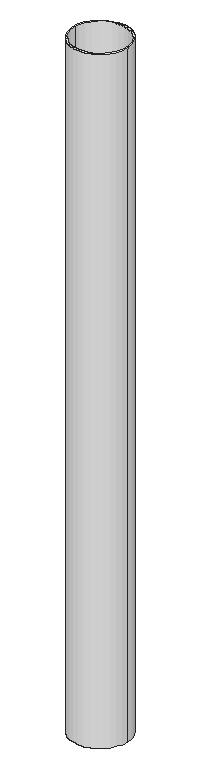
Revit family
Parameters (values of type "CHS 219.1x26.4")
  기둥 재료 [instance] = 금속 - 스틸 - 345 MPa
  Assembly Code = ""
  A = 0.003 m²
  W = 0.259
  OD = 219.1 mm
  t = 5 mm
Reference planes
  plane 1 "중심(앞/뒤)": y = 0
  plane 2: z = 0
  plane 3 "중심(왼쪽/오른쪽)": x = 0
  plane 4: x = -109.55
  plane 5: x = 109.55
  plane 6: y = 109.55
  plane 7: y = -109.55
  plane 8: x = -104.55
  plane 9: x = 104.55
Forms (mm)
  Extrusion 1, solid, material "금속 - 스틸 - 345 MPa" <- "기둥 재료", detail levels medium+fine
    sketch origin (0, 0, 0) x (1, 0, 0) y (0, 1, 0)
      loop
        circle (0, 0) r 109.55
      loop
        circle (0, 0) r 104.55
    from 0 to 2500
Lines and regions (mm)
  symbolic lines, style "StructuralColumnStickSymbols", detail levels coarse
    curve 1: arc (-109.55, 0, 0) -> (0, -109.55, 0) -> (109.55, 0, 0) r 109.55
    curve 2: arc (109.55, 0, 0) -> (0, 109.55, 0) -> (-109.55, 0, 0) r 109.55
Dimensions and locks
  equal spacing: plane 4, plane 3 "중심(왼쪽/오른쪽)", plane 5
  equal spacing: plane 7, plane 1 "중심(앞/뒤)", plane 6
  "OD": plane 7 to plane 6
  "OD": plane 4 to plane 5
  "t": plane 4 to plane 8
  "t": plane 9 to plane 5
  aligned and locked: level to Extrusion 1
  aligned and locked: level to plane 2
  aligned and locked: Extrusion 1 to plane 2
  aligned and locked: curve 1 to Extrusion 1
Automatic sketch dimensions
  Extrusion 1 sketch curve to plane 1 "중심(앞/뒤)" = 0 mm  (x2)
  Extrusion 1 sketch curve to plane 4 = 0 mm
  Extrusion 1 sketch curve to plane 8 = 0 mm
  Extrusion 1 sketch curve to plane 3 "중심(왼쪽/오른쪽)" = 0 mm  (x2)
